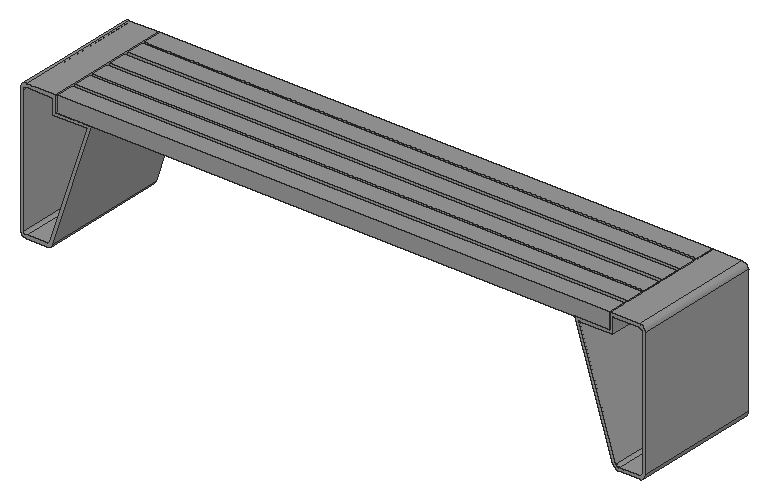
Revit family "Скамейка стальная «Энигма»  без спинки Арт 22411", category Антураж, Revit 2018
Family settings
  На основе рабочей плоскости = Нет
  Всегда вертикально = Да
  При загрузке вырезать с полостями = Нет
  Источник визуального образа = Геометрия семейства
  Общий = Нет
  Точка расчета площади = Нет
Parameters (values of type "Скамейка стальная «Энигма» без спинки 2,0 м")
  Ширина = 410 mm  # constant formula
  Цвет лавки = Орех
  Цвет каркаса = Сталь
  Описание = "Скамейка стальная «Энигма» без спинки."  # constant formula
  Материал изделия = "Дерево, сталь"  # constant formula
  Изображение типоразмера = Скамейка стальная Энигма без спинки.jpg
  Изготовитель = "ООО «Хоббика»"  # constant formula
  Длина = 2000 mm  # constant formula
  Группа модели = "Скамейки"  # constant formula
  Высота = 445 mm  # constant formula
  Артикул товара = "Арт. 22411"  # constant formula
  URL = "https://hobbyka.ru/product/skameyka_bez_spinki_enigma/?sphrase_id=530144"
Reference planes
  plane 1 "По центру (Вперед/Назад)": y = 0
  plane 2: z = 0
  plane 3 "По центру (Влево/Вправо)": x = 0
  plane 4: x = 2000
  plane 5: y = 410
  plane 6: x = 115
  plane 7: x = 1885
  plane 8: x = 120
  plane 9: x = 1880
  plane 10: z = 445
Forms (mm)
  Extrusion 1, solid, material "Орех" <- "Цвет лавки"
    sketch origin (0, 21.367, 0) x (0, 1, 0) y (0, 0, 1)
      loop
        line (38.887, 395) -> (38.887, 445) -> (-21.113, 445) -> (-21.113, 395) -> (38.887, 395)
      loop
        line (108.887, 395) -> (108.887, 445) -> (48.887, 445) -> (48.887, 395) -> (108.887, 395)
      loop
        line (178.887, 395) -> (178.887, 445) -> (118.887, 445) -> (118.887, 395) -> (178.887, 395)
      loop
        line (248.887, 395) -> (248.887, 445) -> (188.887, 445) -> (188.887, 395) -> (248.887, 395)
      loop
        line (318.887, 395) -> (318.887, 445) -> (258.887, 445) -> (258.887, 395) -> (318.887, 395)
      loop
        line (388.887, 395) -> (388.887, 445) -> (328.887, 445) -> (328.887, 395) -> (388.887, 395)
    from 115 to 1885
Dimensions and locks
  "Длина": plane 3 "По центру (Влево/Вправо)" to plane 4
  "Ширина": plane 5 to plane 1 "По центру (Вперед/Назад)"
  locked: plane 3 "По центру (Влево/Вправо)" to plane 6 at 115
  locked: plane 7 to plane 4 at 115
  locked: plane 6 to plane 8 at 5
  locked: plane 9 to plane 7 at 5
  plane 3 "По центру (Влево/Вправо)" to plane 4 = 2000 mm
  "Высота": plane 10 to level
  aligned and locked: level to plane 2
  aligned and locked: plane 4 to nested 2
  aligned and locked: plane 6 to Extrusion 1
  aligned and locked: Extrusion 1 to plane 7
Automatic sketch dimensions
  Extrusion 1 sketch curve to plane 10 = 0 mm  (x6)
  Extrusion 1 sketch curve to plane 1 "По центру (Вперед/Назад)" = 0.254 mm
  Extrusion 1 sketch curve to Extrusion 1 sketch curve = 60 mm  (x5)
  Extrusion 1 sketch curve to Extrusion 1 sketch curve = 10 mm  (x5)
  plane 5 to Extrusion 1 sketch curve = 0.254 mm
  Extrusion 1 sketch curve to plane 10 = 50 mm  (x5)
  Extrusion 1 sketch curve to Extrusion 1 sketch curve = 50 mm
Nested families
  nested 1: "опора боковаяэнигма без спинки" at (0, 0, 0), type "опора боковаяэнигма без спинки"
  nested 2: "опора боковаяэнигма без спинки" at (2000, 0, 0) x (-1, 0, 0) z (0, 0, 1), type "опора боковаяэнигма без спинки"
Definition of nested family "опора боковаяэнигма без спинки"
  Parameters (values of type "опора боковаяэнигма без спинки")
    Ширина = 410 mm
    Цвет каркаса = none
    Height = 0 mm
  Reference planes
    plane 1 "По центру (Вперед/Назад)": y = 0
    plane 2: z = 0
    plane 3 "По центру (Влево/Вправо)": x = 0
    plane 4: y = 410
  Forms (mm)
    Extrusion 1, solid, material <- "Цвет каркаса"
      sketch origin (0, 0, 0) x (1, 0, 0) y (0, 0, 1)
        loop
          arc (0, 20) -> (5.858, 5.858) -> (20, 0) r 20
          line (20, 0) -> (85.484, 0)
          arc (85.484, 0) -> (96.941, 3.607) -> (104.266, 13.126) r 20
          line (104.266, 13.126) -> (228.375, 395) -> (115, 395) -> (115, 445) -> (20, 445)
          arc (20, 445) -> (5.858, 439.142) -> (0, 425) r 20
          line (0, 425) -> (0, 20)
        loop
          arc (20, 435) -> (12.929, 432.071) -> (10, 425) r 10
          line (10, 425) -> (10, 20)
          arc (10, 20) -> (12.929, 12.929) -> (20, 10) r 10
          line (20, 10) -> (85.484, 10)
          arc (85.484, 10) -> (91.15, 11.76) -> (94.822, 16.421) r 10
          line (94.822, 16.421) -> (214.61, 385) -> (105, 385) -> (105, 435) -> (20, 435)
      from 0 to -410
  Dimensions and locks
    "Ширина": plane 4 to plane 1 "По центру (Вперед/Назад)"
    aligned and locked: level to plane 2
    aligned and locked: plane 4 to Extrusion 1
  Automatic sketch dimensions
    Extrusion 1 sketch curve to Extrusion 1 sketch curve = 0 mm  (x6)
    Extrusion 1 sketch curve to plane 3 "По центру (Влево/Вправо)" = 0 mm
    Extrusion 1 sketch curve to level = 0 mm
    Extrusion 1 sketch curve to Extrusion 1 sketch curve = 10 mm  (x4)
    plane 3 "По центру (Влево/Вправо)" to Extrusion 1 sketch curve = 20 mm
    Extrusion 1 sketch curve to Extrusion 1 sketch curve = 65.484 mm
    level to Extrusion 1 sketch curve = 16.421 mm
    Extrusion 1 sketch curve to Extrusion 1 sketch curve = 9.337 mm
    level to Extrusion 1 sketch curve = 13.126 mm
    Extrusion 1 sketch curve to Extrusion 1 sketch curve = 85 mm
    Extrusion 1 sketch curve to Extrusion 1 sketch curve = 99.61 mm
    Extrusion 1 sketch curve to Extrusion 1 sketch curve = 13.765 mm
    Extrusion 1 sketch curve to Extrusion 1 sketch curve = 365 mm
    Extrusion 1 sketch curve to Extrusion 1 sketch curve = 40 mm
